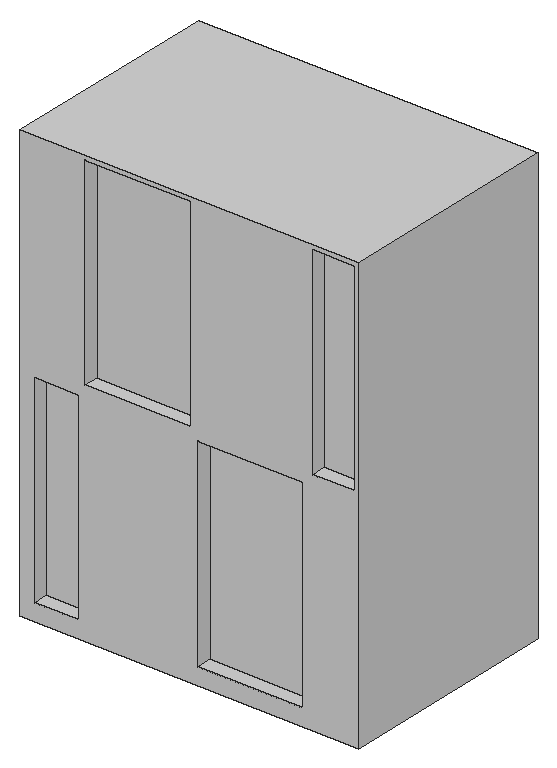
Revit family "SA 6H3W", category Mechanical Equipment, Revit 2019
Family settings
  Round Connector Dimension = Use Diameter
  Part Type = Normal
  OmniClass Number = 23.75.00.00
  OmniClass Title = Climate Control (HVAC)
  Work Plane-Based = No
  Always vertical = Yes
  Cut with Voids When Loaded = No
  Shared = No
  Room Calculation Point = No
Parameters (values of type "6H3W SA")
  Width = 5' - 4 1/2"
  Weight (lbs.) = "2483"
  URL = "www.renewaire.com"
  Model = "6H3W SA"
  Manufacturer = "Renewaire LLC"
  Length = 8' - 1 3/4"
  Housing = Metal - RenewAire - Anodized - Gray Text
  Height = 12' - 1 3/8"
  Description = "Energy Recovery Ventilator"
  Cores (L125-G5) = "18"
  Airflow Range (CFM) = "4,500-19,800"
Reference planes (in)
  plane 1 "Center (Front/Back)": y = 0
  plane 2: z = 0
  plane 3 "Center (Left/Right)": x = 0
Forms (in)
  Extrusion 1, solid, material "Metal - RenewAire - Anodized - Gray Text" <- "Housing"
    sketch origin (0, -16.07731, 0) x (0, 1, 0) y (0, 0, 1)
      loop
        line (32.26413, 145.375) -> (-32.26413, 145.375) -> (-32.26413, 19.875) -> (32.26413, 19.875) -> (32.26413, 145.375)
    from 0 to 97.75
  Extrusion 2, void
    sketch origin (1.82803, -14.11828, 19.48574) x (1, 0, 0) y (0, 0, 1)
      loop
        line (2.375, 63.5) -> (2.375, 5.25) -> (15.17072, 5.25) -> (15.17072, 63.5) -> (2.375, 63.5)
      loop
        line (49.50854, 63.5) -> (49.50854, 5.25) -> (79.83716, 5.25) -> (79.83716, 63.5) -> (49.50854, 63.5)
      loop
        line (47.32983, 124.75) -> (17.00122, 124.75) -> (17.00122, 66.5) -> (47.32983, 66.5) -> (47.32983, 124.75)
      loop
        line (82.52479, 124.75) -> (82.52479, 66.5) -> (94.89979, 66.5) -> (94.89979, 124.75) -> (82.52479, 124.75)
    from 30 to 38.22316
  Extrusion 3, void
    sketch origin (1.03232, 49.88172, -1.14653) x (1, 0, 0) y (0, 0, 1)
      loop
        line (3.17072, 84.13013) -> (3.17072, 25.88013) -> (15.96643, 25.88013) -> (15.96643, 84.13013) -> (3.17072, 84.13013)
      loop
        line (50.30426, 84.13013) -> (50.30426, 25.88013) -> (80.63287, 25.88013) -> (80.63287, 84.13013) -> (50.30426, 84.13013)
      loop
        line (48.12555, 145.375) -> (17.79694, 145.375) -> (17.79694, 87.13013) -> (48.12555, 87.13013) -> (48.12555, 145.375)
      loop
        line (83.32051, 145.31611) -> (83.32051, 87.13013) -> (95.69551, 87.13013) -> (95.69551, 145.31611) -> (83.32051, 145.31611)
    from 30 to 38.22316
Cuts and joins
  Extrusion 2, Extrusion 3 cuts Extrusion 1
Dimensions and locks (in)
  aligned and locked: level to plane 2
